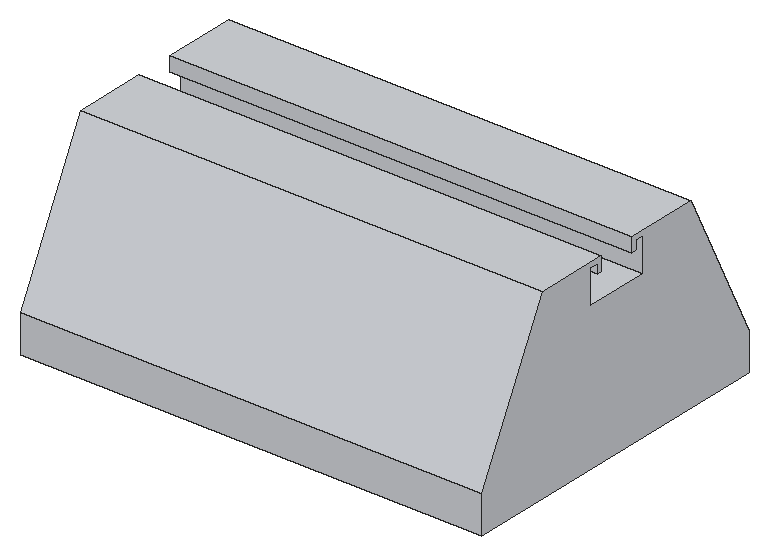
Revit family "MP250160", category Generic Models, Revit 2020
Family settings
  Can host rebar = No
  Round Connector Dimension = Use Diameter
  Part Type = Normal
  Work Plane-Based = Yes
  Always vertical = No
  Cut with Voids When Loaded = No
  Shared = No
  Room Calculation Point = No
Parameters (values of type "NBS Standard Parameters")
  Weight = "2.55"
  WarrantyStartDate [instance] = "1900-12-31T23:59:59"
  WarrantyGuarantorParts = "12 Months"
  WarrantyGuarantorLabor = "n/a"
  WarrantyDurationUnit = "12 Months"
  WarrantyDurationParts = "n/a"
  WarrantyDurationLabor = "n/a"
  WarrantyDescription = "n/a"
  Version = "1"
  Uniclass2 = "Pr_65_70_11_19"
  URL = "www.metpro.co.uk"
  TagNumber [instance] = "n/a"
  SustainabilityPerformance = ""
  Size = "250mm"
  Shape = "Rectangular"
  SerialNumber [instance] = "n/a"
  Revision = "n/a"
  ReplacementCost = "n/a"
  ProductInformation = "www.metpro.co.uk/pdf/MP250160.pdf"
  NominalWidth = 250 mm
  NominalLength = 180 mm
  NominalHeight = 95 mm
  Name = "MP250160 - ECO FRIENDLY STANDARD FOOT"
  NBSTypeID = "n/a"
  NBSReference = "90-55-10/305"
  NBSOfficeMasterTag = ""
  NBSNote = ""
  NBSDescription = "Channel cable supports"
  NBSCertification = ""
  ModelReference = "Channel cable supports"
  ModelNumber = "MP250160"
  Material = "Foot - SBR Recycled Rubber / Channel - Pre galv steel 41x21"
  ManufacturerURL = "www.metpro.co.uk"
  ManufacturerName = "Metpro ltd"
  Manufacturer = "Metpro ltd"
  Keynote = "SWL Loading 160kg"
  InstallationDate [instance] = "1900-12-31T23:59:59"
  IfcExportType = ""
  IfcExportAs = ""
  Grade = "n/a"
  Finish = "Foot - Black / Channel - pre galv"
  Features = "SWL 160kg per foot, suitable for both internal & external application (temp between -40 to +80 deg C)"
  ExpectedLife = "n/a"
  DurationUnit = "1 Year"
  Description = "MP250160 - Eco friendly standard foot"
  Default Elevation = 1219.2 mm
  Constituents = "n/a"
  Color = "Black"
  CodePerformance = "n/a"
  Category = "n/a"
  BarCode [instance] = "n/a"
  BIMObjectName = "Metpro_metprolibrary_channelcablesupports_channelbracket"
  Author = "Metpro"
  AssetType = "Fixed"
  AssetIdentifier [instance] = "n/a"
  AccessibilityPerformance = "n/a"
Reference planes
  plane 1 "Center (Front/Back)": y = 0
  plane 2: z = -49.367
  plane 3 "Center (Left/Right)": x = 0
Forms (mm)
  Extrusion 1, solid
    sketch origin (-3.322, 99.234, -24.021) x (0, 0, 1) y (0, 1, 0)
      loop
        line (12.649, 31.337) -> (12.649, -148.663) -> (32.649, -148.663) -> (112.84, -107.804) -> (112.84, -68.304) -> (105.34, -68.304) -> (105.34, -70.804) -> (110.34, -70.804) -> (110.34, -75.754) -> (91.84, -75.754) -> (91.84, -39.799) -> (110.34, -39.799) -> (110.34, -44.749) -> (105.34, -44.749) -> (105.34, -47.274) -> (112.84, -47.274) -> (112.84, -7.774) -> (32.649, 31.337) -> (12.649, 31.337)
    from 0 to 250
Dimensions and locks
  aligned and locked: level to plane 2
